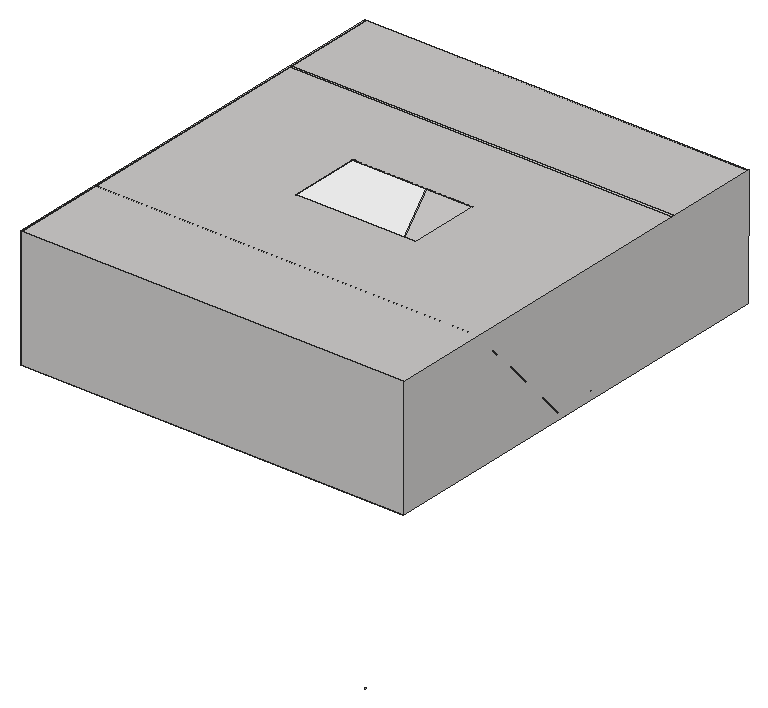
Revit family "QF_ELECTROLUXPROFESSIONAL_642037_EC1816T", category Specialty Equipment, Revit 2014
Reference planes
  plane 1: z = 0
  plane 2 "Center (Left/Right)": x = 150
  plane 3 "LEFT": x = -650
  plane 4 "RIGHT": x = 950
  plane 5 "BACK": y = 550
  plane 6 "TOP": z = 2500
  plane 7 "Base": z = 2000
  plane 8: z = 1946
  plane 9: x = -647
  plane 10 "DrainX": x = 799
  plane 11 "AOLeft2": x = 400
  plane 12: x = 947
  plane 13: x = -450
  plane 14: x = 750
  plane 15: x = 50
  plane 16: x = 250
  plane 17 "AOLeft1": x = -100
  plane 18: y = -200
  plane 19 "Front": y = -1250
  plane 20: through (0, 60.354, 2382.279) normal (0, 0.766, -0.6428)
  plane 21: through (0, -760.351, 2382.279) normal (0, -0.766, -0.6428)
  plane 22: through (0, 72.154, 2402.468) normal (0, -0.753, 0.6581)
  plane 23: through (0, -772.152, 2402.468) normal (0, -0.753, -0.6581)
  plane 24 "Center (Front/Back)": y = -350
  plane 25: y = -500
Forms (mm)
  Extrusion 1, solid, material "QF_Finishes_Stainless Steel"
    sketch origin (-650, 0, 360) x (0, 1, 0) y (0, 0, 1)
      loop
        line (550, 1640) -> (550, 2140) -> (-1250, 2140) -> (-1250, 1640) -> (550, 1640)
    from 0 to 3
  Extrusion 2, solid, material "QF_Finishes_Stainless Steel"
    sketch origin (950, 0, 360) x (0, 1, 0) y (0, 0, 1)
      loop
        line (550, 1640) -> (550, 2140) -> (-1250, 2140) -> (-1250, 1640) -> (550, 1640)
    from 0 to -3
  Extrusion 3, solid, material "QF_Finishes_Stainless Steel"
    sketch origin (150, 0, 360) x (0, 1, 0) y (0, 0, 1)
      loop
        line (-1250, 2140) -> (-1250, 1640) -> (-1240, 1640) -> (-1240, 1640.8) -> (-1249.2, 1640.8) -> (-1249.2, 2139.19) -> (549.2, 2139.19) -> (549.2, 1640.8) -> (540, 1640.8) -> (540, 1640) -> (550, 1640) -> (550, 2140) -> (-1250, 2140)
    from -800 to 800
  Extrusion 4, solid, material "QF_Finishes_Stainless Steel"
    sketch origin (0, -900, 2000) x (0, 1, 0) y (-1, 0, 0)
      loop
        circle (550, -799) r 6.35
    from -3.799 to 0
  Extrusion 5, void
    sketch origin (0, 200, 2500) x (0, 1, 0) y (-1, 0, 0)
      loop
        line (-400, -400) -> (-400, 100) -> (-700, 100) -> (-700, -400) -> (-400, -400)
    from 0 to -10
  Extrusion 6, solid, material "QF_Finishes_Stainless Steel"
    sketch origin (0, 0, 0) x (1, 0, 0) y (0, 1, 0)
      loop
        line (-650, 550) -> (-650, 549) -> (-649, 549) -> (-649, 550) -> (-650, 550)
    from 0 to 1
  Extrusion 7, solid, material "QF_Finishes_Stainless Steel"
    sketch origin (150, -200, 360) x (0, 1, 0) y (0, 0, 1)
      loop
        line (-79.471, 1685.734) -> (-56.882, 1665.992) -> (272.154, 2042.468) -> (249.566, 2062.21) -> (-79.471, 1685.734)
      loop
        line (-572.152, 2042.468) -> (-243.115, 1665.992) -> (-220.526, 1685.734) -> (-549.563, 2062.21) -> (-572.152, 2042.468)
    from -600 to -797
  Extrusion 8, solid, material "QF_Finishes_Stainless Steel"
    sketch origin (150, -200, 360) x (0, 1, 0) y (0, 0, 1)
      loop
        line (360.354, 2141.454) -> (357.903, 2143.511) -> (264.331, 2031.996) -> (266.169, 2030.453) -> (357.41, 2139.19) -> (358.454, 2139.19) -> (360.354, 2141.454)
      loop
        line (-39.202, 1672.761) -> (-56.017, 1663.363) -> (-81.407, 1685.429) -> (-81.974, 1684.862) -> (-54.914, 1661.345) -> (-90.242, 1641.601) -> (-209.758, 1641.601) -> (-245.086, 1661.345) -> (-218.026, 1684.862) -> (-218.593, 1685.429) -> (-243.983, 1663.363) -> (-260.798, 1672.761) -> (-262.311, 1670.055) -> (-209.966, 1640.801) -> (-90.034, 1640.801) -> (-37.689, 1670.055) -> (-39.202, 1672.761)
      loop
        line (-560.354, 2022.279) -> (-557.903, 2024.336) -> (-564.331, 2031.996) -> (-566.169, 2030.453) -> (-657.41, 2139.19) -> (-658.454, 2139.19) -> (-560.354, 2022.279)
    from -797 to 797
  Extrusion 9, solid, material "QF_Finishes_Stainless Steel"
    sketch origin (150, -200, 360) x (0, 1, 0) y (0, 0, 1)
      loop
        line (272.154, 2042.468) -> (249.566, 2062.21) -> (-79.471, 1685.734) -> (-56.882, 1665.992) -> (272.154, 2042.468)
      loop
        line (-572.154, 2042.468) -> (-243.118, 1665.992) -> (-220.529, 1685.734) -> (-549.566, 2062.21) -> (-572.154, 2042.468)
    from 797 to 600
  Extrusion 10, solid, material "QF_Finishes_Stainless Steel"
    sketch origin (150, -200, 360) x (0, 1, 0) y (0, 0, 1)
      loop
        line (272.154, 2042.468) -> (249.566, 2062.21) -> (-79.471, 1685.734) -> (-56.882, 1665.992) -> (272.154, 2042.468)
      loop
        line (-572.154, 2042.468) -> (-243.118, 1665.992) -> (-220.529, 1685.734) -> (-549.566, 2062.21) -> (-572.154, 2042.468)
    from -100 to 100
  Extrusion 11, solid, material "QF_Finished_Chrome"
    sketch origin (150, -200, 360) x (0, 1, 0) y (0, 0, 1)
      loop
        line (249.566, 2062.21) -> (-79.471, 1685.734) -> (-56.882, 1665.992) -> (272.154, 2042.468) -> (249.566, 2062.21)
      loop
        line (-549.566, 2062.21) -> (-572.154, 2042.468) -> (-243.118, 1665.992) -> (-220.529, 1685.734) -> (-549.566, 2062.21)
    from -600 to -100
  Extrusion 12, solid, material "QF_Finished_Chrome"
    sketch origin (150, -200, 360) x (0, 1, 0) y (0, 0, 1)
      loop
        line (272.154, 2042.468) -> (249.566, 2062.21) -> (-79.471, 1685.734) -> (-56.882, 1665.992) -> (272.154, 2042.468)
      loop
        line (-572.154, 2042.468) -> (-243.118, 1665.992) -> (-220.529, 1685.734) -> (-549.566, 2062.21) -> (-572.154, 2042.468)
    from 100 to 600
  Sweep 13, solid, material "QF_Finishes_Stainless Steel"
    path origin (0, 0, 0) x (1, 0, 0) y (0, 1, 0)
      loop
        line (950, 550) -> (-650, 550) -> (-650, -1250) -> (950, -1250) -> (950, 550)
    profile origin (950, -350, 0) x (1, 0, 0) y (0, 0, 1)
      loop
        line (-3, 2000) -> (-3, 2000.8) -> (-19, 2000.8) -> (-19, 2010) -> (-20, 2010) -> (-20, 2000) -> (-3, 2000)
  Extrusion 14, solid, material "QF_Finishes_Stainless Steel"
    sketch origin (799, 0, 0) x (0, 1, 0) y (0, 0, 1)
      loop
        arc (-305.856, 1994.063) -> (-304.108, 1996.894) -> (-300.97, 1998.001) r 5
        line (-300.97, 1998.001) -> (-295, 1998.001) -> (-295, 2000.8) -> (-405, 2000.8) -> (-405, 1998.001) -> (-399.03, 1998.001)
        arc (-399.03, 1998.001) -> (-395.892, 1996.894) -> (-394.144, 1994.063) r 5
        line (-394.144, 1994.063) -> (-387.14, 1955.845)
        arc (-387.14, 1955.845) -> (-382.769, 1948.768) -> (-374.925, 1946) r 12.5
        line (-374.925, 1946) -> (-325.075, 1946)
        arc (-325.075, 1946) -> (-317.231, 1948.768) -> (-312.86, 1955.845) r 12.5
        line (-312.86, 1955.845) -> (-305.856, 1994.063)
    from -90 to 90
Cuts and joins
  Extrusion 5 cuts Extrusion 3
  joined: Extrusion 2, Extrusion 3, Sweep 13
Lines and regions (mm)
  symbolic lines, style "SpecialityEquipment", detail levels coarse
    curve 1: line (950, 550, 2500) -> (-650, 550, 2500)
    curve 2: line (-650, 550, 2500) -> (-650, -1250.8, 2500)
    curve 3: line (950, -1250.8, 2500) -> (950, 550, 2500)
    curve 4: line (-650, 550, 0) -> (950, -1250, 0)
    curve 5: line (950, 550, 0) -> (-650, -1250, 0)
  symbolic lines, detail levels coarse
    curve 6: line (-650, -1250, 0) -> (950, -1250, 0)
    curve 7: line (-100, -500, 0) -> (400, -500, 0)
    curve 8: line (-100, -200, 0) -> (-100, -500, 0)
    curve 9: line (400, -200, 0) -> (-100, -200, 0)
    curve 10: line (400, -500, 0) -> (400, -200, 0)
Dimensions and locks
  plane 3 "LEFT" to plane 4 "RIGHT" = 1600 mm
  equal spacing: plane 3 "LEFT", plane 2 "Center (Left/Right)", plane 4 "RIGHT"
  plane 3 "LEFT" to plane 9 = 3 mm
  plane 10 "DrainX" to plane 4 "RIGHT" = 151 mm
  plane 12 to plane 4 "RIGHT" = 3 mm
  plane 3 "LEFT" to plane 13 = 200 mm
  plane 14 to plane 4 "RIGHT" = 200 mm
  locked: plane 7 "Base" to level at 2000
  locked: plane 15 to plane 16 at 200
  equal spacing: plane 15, plane 2 "Center (Left/Right)", plane 16
  plane 7 "Base" to plane 8 = 54 mm
  plane 5 "BACK" to plane 19 "Front" = 1800 mm  (x2)
  equal spacing: plane 5 "BACK", plane 24 "Center (Front/Back)", plane 19 "Front"
  locked: plane 6 "TOP" to plane 7 "Base" at 500
  plane 25 to plane 18 = 300 mm
  equal spacing: plane 25, plane 24 "Center (Front/Back)", plane 18
  locked: plane 17 "AOLeft1" to plane 11 "AOLeft2" at 500
  equal spacing: plane 17 "AOLeft1", plane 2 "Center (Left/Right)", plane 11 "AOLeft2"
  aligned and locked: level to plane 1
  aligned and locked: plane 4 "RIGHT" to Extrusion 3
  aligned and locked: Extrusion 3 to plane 3 "LEFT"
  aligned and locked: Extrusion 7 to plane 9
  aligned and locked: plane 13 to Extrusion 7
  aligned and locked: Extrusion 2 to plane 12
  aligned and locked: plane 12 to Extrusion 9
  aligned and locked: plane 14 to Extrusion 9
  aligned and locked: plane 16 to Extrusion 10
  aligned and locked: Extrusion 10 to plane 15
  aligned and locked: plane 15 to Extrusion 11
  aligned and locked: Extrusion 11 to plane 13
  aligned and locked: Extrusion 12 to plane 16
  aligned and locked: Extrusion 12 to plane 14
  aligned and locked: Extrusion 8 to plane 9
  aligned and locked: plane 12 to Extrusion 8
  aligned and locked: Extrusion 5 to plane 17 "AOLeft1"
  aligned and locked: Extrusion 5 to plane 11 "AOLeft2"
  aligned and locked: plane 19 "Front" to Sweep 13 sketch curve
  aligned and locked: plane 25 to Extrusion 5
  aligned and locked: plane 18 to Extrusion 5
  aligned and locked: curve 7 to Extrusion 5
  aligned and locked: curve 8 to Extrusion 5
  aligned and locked: curve 9 to Extrusion 5
  aligned and locked: curve 10 to Extrusion 5
Automatic sketch dimensions
  curve 2 to plane 3 "LEFT" = 0 mm
  curve 3 to plane 4 "RIGHT" = 0 mm
  curve 2 to plane 5 "BACK" = 0 mm
  Extrusion 1 sketch curve to plane 7 "Base" = 0 mm
  Extrusion 1 sketch curve to plane 5 "BACK" = 0 mm
  Extrusion 1 sketch curve to plane 6 "TOP" = 0 mm
  Extrusion 2 sketch curve to plane 7 "Base" = 0 mm
  Extrusion 2 sketch curve to plane 5 "BACK" = 0 mm
  Extrusion 2 sketch curve to plane 6 "TOP" = 0 mm
  Extrusion 3 sketch curve to plane 6 "TOP" = 0 mm
  Extrusion 3 sketch curve to plane 7 "Base" = 0 mm  (x2)
  Extrusion 3 sketch curve to plane 5 "BACK" = 0 mm
  Extrusion 3 sketch curve to Extrusion 3 sketch curve = 9.2 mm
  plane 7 "Base" to Extrusion 3 sketch curve = 0.8 mm  (x2)
  Extrusion 3 sketch curve to plane 5 "BACK" = 10 mm
  Extrusion 3 sketch curve to plane 5 "BACK" = 0.8 mm
  Extrusion 3 sketch curve to plane 6 "TOP" = 0.81 mm
  Extrusion 4 sketch curve to plane 10 "DrainX" = 0 mm
  Extrusion 5 sketch curve to plane 11 "AOLeft2" = 0 mm
  Extrusion 5 sketch curve to plane 17 "AOLeft1" = 0 mm
  Extrusion 6 sketch curve to plane 3 "LEFT" = 0 mm
  Extrusion 6 sketch curve to plane 5 "BACK" = 0 mm
  plane 3 "LEFT" to Extrusion 6 sketch curve = 1 mm
  Extrusion 6 sketch curve to Extrusion 6 sketch curve = 1 mm
  Sweep 13 sketch curve to plane 3 "LEFT" = 0 mm
  Sweep 13 sketch curve to plane 4 "RIGHT" = 0 mm
  Sweep 13 sketch curve to plane 5 "BACK" = 0 mm
  profile plane to Sweep 13 sketch curve = 20 mm
  Sweep 13 sketch curve to Sweep 13 sketch curve = 1 mm
  profile plane to Sweep 13 sketch curve = 3 mm
  level to Sweep 13 sketch curve = 2000 mm
  Sweep 13 sketch curve to Sweep 13 sketch curve = 0.8 mm
  Sweep 13 sketch curve to Sweep 13 sketch curve = 9.2 mm
  Extrusion 3 sketch curve to Extrusion 3 sketch curve = 0.8 mm
  curve 5 to plane 3 "LEFT" = 0 mm
  curve 4 to plane 3 "LEFT" = 0 mm
  curve 5 to plane 4 "RIGHT" = 0 mm
  curve 6 to plane 4 "RIGHT" = 0 mm
  curve 4 to plane 5 "BACK" = 0 mm
  curve 5 to plane 5 "BACK" = 0 mm
  curve 6 to plane 19 "Front" = 0 mm
  Extrusion 7 sketch curve to plane 22 = 0 mm  (x2)
  Extrusion 7 sketch curve to plane 6 "TOP" = 77.79 mm  (x2)
  plane 7 "Base" to Extrusion 7 sketch curve = 25.992 mm  (x2)
  plane 7 "Base" to Extrusion 7 sketch curve = 45.734 mm
  Extrusion 7 sketch curve to plane 23 = 0 mm
  plane 23 to Extrusion 7 sketch curve = 0 mm
  Extrusion 11 sketch curve to plane 22 = 0 mm  (x2)
  Extrusion 11 sketch curve to plane 6 "TOP" = 77.79 mm  (x2)
  Extrusion 11 sketch curve to Extrusion 11 sketch curve = 22.589 mm
  plane 7 "Base" to Extrusion 11 sketch curve = 25.992 mm  (x2)
  Extrusion 10 sketch curve to plane 22 = 0 mm  (x2)
  Extrusion 10 sketch curve to plane 6 "TOP" = 77.79 mm  (x2)
  Extrusion 10 sketch curve to Extrusion 10 sketch curve = 22.589 mm
  plane 7 "Base" to Extrusion 10 sketch curve = 25.992 mm  (x2)
  Extrusion 12 sketch curve to plane 22 = 0 mm  (x2)
  Extrusion 12 sketch curve to plane 6 "TOP" = 77.79 mm  (x2)
  Extrusion 12 sketch curve to Extrusion 12 sketch curve = 22.589 mm
  plane 7 "Base" to Extrusion 12 sketch curve = 25.992 mm  (x2)
  Extrusion 9 sketch curve to plane 22 = 0 mm  (x2)
  Extrusion 9 sketch curve to plane 6 "TOP" = 77.79 mm  (x2)
  Extrusion 9 sketch curve to Extrusion 9 sketch curve = 22.589 mm
  plane 7 "Base" to Extrusion 9 sketch curve = 25.992 mm  (x2)
  Extrusion 4 sketch curve to plane 18 = 150 mm
  plane 7 "Base" to Extrusion 9 sketch curve = 45.734 mm
  plane 7 "Base" to Extrusion 10 sketch curve = 45.734 mm
  plane 7 "Base" to Extrusion 11 sketch curve = 45.734 mm
  plane 7 "Base" to Extrusion 12 sketch curve = 45.734 mm
  plane 24 "Center (Front/Back)" to Extrusion 5 sketch curve = 150 mm
  plane 20 to Extrusion 8 sketch curve = 0 mm  (x2)
  Extrusion 8 sketch curve to plane 6 "TOP" = 0.81 mm  (x2)
  plane 19 "Front" to Extrusion 8 sketch curve = 391.546 mm
  Extrusion 8 sketch curve to Extrusion 8 sketch curve = 1.044 mm
  Extrusion 8 sketch curve to plane 6 "TOP" = 109.547 mm  (x2)
  Extrusion 8 sketch curve to Extrusion 8 sketch curve = 91.241 mm
  Extrusion 8 sketch curve to plane 6 "TOP" = 108.004 mm  (x2)
  Extrusion 8 sketch curve to plane 6 "TOP" = 117.721 mm
  plane 7 "Base" to Extrusion 8 sketch curve = 30.055 mm
  plane 7 "Base" to Extrusion 8 sketch curve = 32.761 mm  (x2)
  Extrusion 8 sketch curve to Extrusion 8 sketch curve = 1.512 mm
  plane 7 "Base" to Extrusion 8 sketch curve = 21.345 mm  (x2)
  Extrusion 8 sketch curve to Extrusion 8 sketch curve = 17.225 mm
  plane 7 "Base" to Extrusion 8 sketch curve = 23.363 mm  (x2)
  Extrusion 8 sketch curve to Extrusion 8 sketch curve = 25.389 mm  (x2)
  Extrusion 8 sketch curve to Extrusion 8 sketch curve = 0.567 mm  (x4)
  plane 7 "Base" to Extrusion 8 sketch curve = 0.801 mm
  Extrusion 8 sketch curve to Extrusion 8 sketch curve = 0.208 mm  (x2)
  plane 7 "Base" to Extrusion 8 sketch curve = 1.601 mm
  Extrusion 8 sketch curve to Extrusion 8 sketch curve = 8.268 mm
  Extrusion 8 sketch curve to Extrusion 8 sketch curve = 1.103 mm
  Extrusion 8 sketch curve to Extrusion 8 sketch curve = 16.816 mm
  plane 18 to Extrusion 8 sketch curve = 357.903 mm
  Extrusion 8 sketch curve to Extrusion 8 sketch curve = 2.451 mm
  Extrusion 8 sketch curve to Extrusion 8 sketch curve = 21.498 mm  (x2)
  curve 3 to plane 19 "Front" = 0.8 mm
  curve 2 to plane 19 "Front" = 0.8 mm
  Extrusion 1 sketch curve to plane 19 "Front" = 0 mm
  Extrusion 2 sketch curve to plane 19 "Front" = 0 mm
  Extrusion 3 sketch curve to plane 19 "Front" = 0 mm
  Extrusion 5 sketch curve to plane 24 "Center (Front/Back)" = 150 mm
  Extrusion 7 sketch curve to plane 24 "Center (Front/Back)" = 399.563 mm
  Extrusion 8 sketch curve to plane 24 "Center (Front/Back)" = 112.311 mm
  plane 24 "Center (Front/Back)" to Extrusion 8 sketch curve = 59.758 mm
  Extrusion 9 sketch curve to plane 24 "Center (Front/Back)" = 70.529 mm
  Extrusion 9 sketch curve to plane 24 "Center (Front/Back)" = 399.566 mm
  Extrusion 10 sketch curve to plane 24 "Center (Front/Back)" = 70.529 mm
  Extrusion 10 sketch curve to plane 24 "Center (Front/Back)" = 399.566 mm
  Extrusion 11 sketch curve to plane 24 "Center (Front/Back)" = 70.529 mm
  Extrusion 11 sketch curve to plane 24 "Center (Front/Back)" = 399.566 mm
  Extrusion 12 sketch curve to plane 24 "Center (Front/Back)" = 70.529 mm
  Extrusion 12 sketch curve to plane 24 "Center (Front/Back)" = 399.566 mm
  Extrusion 14 sketch curve to plane 8 = 0 mm
  Extrusion 14 sketch curve to plane 7 "Base" = 1.999 mm  (x2)
  Extrusion 14 sketch curve to plane 24 "Center (Front/Back)" = 55 mm
  Extrusion 14 sketch curve to Extrusion 14 sketch curve = 5.97 mm  (x2)
  Extrusion 14 sketch curve to plane 7 "Base" = 5.937 mm  (x2)
  Extrusion 14 sketch curve to Extrusion 14 sketch curve = 4.886 mm  (x2)
  plane 8 to Extrusion 14 sketch curve = 9.845 mm  (x2)
  Extrusion 14 sketch curve to plane 24 "Center (Front/Back)" = 37.14 mm
  Extrusion 14 sketch curve to Extrusion 14 sketch curve = 12.215 mm  (x2)
  plane 24 "Center (Front/Back)" to Extrusion 14 sketch curve = 24.925 mm
  Extrusion 14 sketch curve to Extrusion 14 sketch curve = 7.004 mm
  plane 7 "Base" to Extrusion 14 sketch curve = 0.8 mm
  radius of Extrusion 4 sketch curve = 6.35 mm
Connectors
  piping at (799, -350, 1996.201), diameter 12.7
    settings: on Extrusion 4, index 1, connector inside diameter 609.6 mm, connector length 0 mm, flow factor 0, pipe flow 0.0 L/s, pressure drop 0.0 Pa, fitting loss kfactor 0, connector angle 0.00°, fixture units 0, engagement length 0 mm, angle of deflection 0.00°, flow configuration 1, flow direction 2, fitting loss method 0, system type 16, joint type 0, gender type 0, connector reference index -1, connector utility 0, adjustable connector no, is connector primary yes, connector description "Drain"
  hvac at (150, -350, 2500)
    settings: on Extrusion 5, index 2, duct flow 0.0 L/s, flow factor 0, pres drop 0.0 Pa, loss coef 0, conn angle 0.00°, conn width 300 mm, conn height 500 mm, conn diameter 609.6 mm, duct sys type 3, conn prof type 1, flow config 1, flow direction 2, loss method 0, conn ref index -1, conn util no, is conn primary yes, conn desc "EXHAUST OUTLET"
